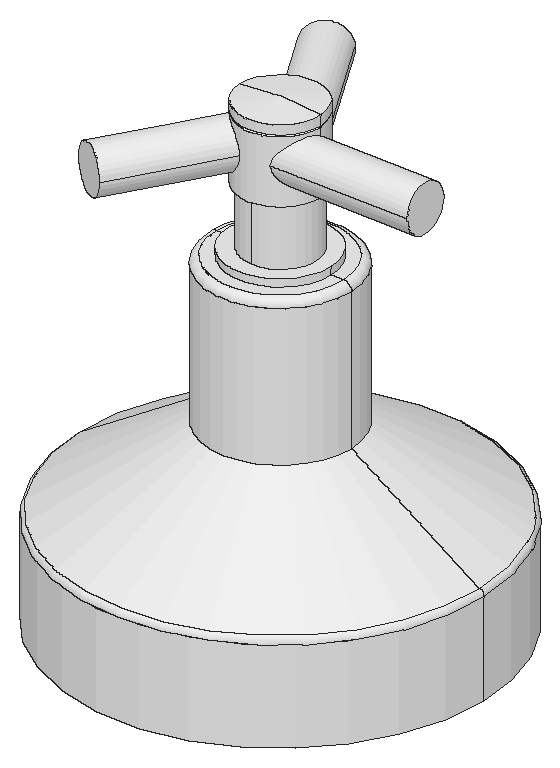
Revit family "Incepa_Zip_Acabamento Registro Base Reforma_11.4-11.2", category Plumbing Fixtures, host Face, Revit 2014
Parameters (values of type "Para base reforma 1.1⁄4” e 1.1⁄2”")
  Waste Connection = no
  WFU = 0
  Vent Connection = no
  URL = "http://www.incepa.com.br"
  Type Comments = ""
  Selo de Qualidade ofcdesk = "Standard"
  Outros Complementos [instance] = "N/A"
  Model = "B5012I9CR3"
  Metais [instance] = Celite - Cromado
  Manufacturer = "Incepa"
  Keynote = ""
  Incepa: Versão = "Autodesk Revit MEP 2014"
  Incepa: Tipo = "Acabamentos"
  Incepa: Produto = "Metais"
  Incepa: Norma = "ABNT NBR 10283: 2008 - Requisitos e métodos de ensaio"
  Incepa: Linha = "Incepa One"
  Incepa: Informações Técnicas [instance] = "N/A"
  Incepa: Informações Gerais [instance] = "N/A"
  Incepa: Fabricante = "Incepa"
  Incepa: Descrição = "Acabamento de registro para base reforma 1.1⁄4” e 1.1⁄2” (B5012I9CR3), linha Incepa One - Metais Incepa"
  Incepa: Código = "B5012I9CR3"
  Incepa: Cores Disponíveis = "Cromado"
  Incepa: Copyright © = "© 2014 Incepa"
  Incepa: Complementos = "N/A"
  Incepa: Categoria = "Lavatório"
  Incepa: Altura da Peça [instance] = 0 mm
  HWFU = 0
  HW Connection = no
  Desenvolvido por = "ofcdesk"
  Description = "Acabamento de registro para base reforma 1.1⁄4” e 1.1⁄2” (B5012I9CR3), linha Incepa One - Metais Incepa"
  Default Elevation = 1200 mm
  Cost = 0
  Celite: Vazão de Projeto [instance] = 0.00 L/s
  CWFU = 0
  CW Connection = no
  Assembly Code = "D2010"
Reference planes
  plane 1 "Center (Front/Back)": y = 0
  plane 2: z = 0
  plane 3 "Center (Left/Right)": x = 0
  plane 4: z = 92.5
  plane 5: z = 84.5
Forms (mm)
  Sweep 1, solid, material "Celite - Cromado" <- "Metais"
    path origin (0, 0, 0) x (1, 0, 0) y (0, 1, 0)
      loop
        circle (0, 0) r 40
    profile origin (0, 40, 0) x (0, -1, 0) y (0, 0, 1)
      loop
        line (0, 0) -> (3.978, 0) -> (3.978, 17.023)
        arc (3.978, 17.023) -> (4.291, 18.235) -> (5.153, 19.143) r 2.5
        line (5.153, 19.143) -> (25.434, 31.816)
        arc (25.434, 31.816) -> (26.198, 32.156) -> (27.027, 32.273) r 3.006
        line (27.027, 32.273) -> (29.694, 32.273) -> (29.694, 35.273) -> (26.001, 35.273) -> (0.705, 19.466)
        arc (0.705, 19.466) -> (0.188, 18.921) -> (0, 18.194) r 1.5
        line (0, 18.194) -> (0, 0)
  Extrusion 2, solid, material "Celite - Cromado" <- "Metais"
    sketch origin (0, 0, 77.297) x (0, 1, 0) y (1, 0, 0)
      loop
        circle (0, 0) r 7
      loop
        circle (0, 0) r 5
    from 0 to 12.927
  Sweep 3, solid, material "Celite - Cromado" <- "Metais"
    path origin (-1524, -4572, 84.5) x (-1, 0, 0) y (0, -1, 0)
      loop
        line (-1524, -4569.5) -> (-1554.5, -4569.5)
    profile origin (15.25, -2.5, 84.5) x (0, 1, 0) y (0, 0, 1)
      loop
        circle (0, 0) r 4.5
  Revolve 4, solid, material "Celite - Cromado" <- "Metais"
    sketch origin (0, 0, -6.5) x (1, 0, 0) y (0, 0, 1)
      loop
        line (0, 83.797) -> (0, 99)
        arc (0, 99) -> (-3.953, 98.824) -> (-7.875, 98.296) r 44.421
        line (-7.875, 98.296) -> (-7.875, 96.521) -> (-6.87, 96.521) -> (-7.875, 96.136) -> (-7.875, 83.797) -> (0, 83.797)
      axis (0, 99) -> (0, 83.797)
    angle from 0 to 360
  Extrusion 5, solid, material "Celite - Cromado" <- "Metais"
    sketch origin (0, 0, 64.369) x (1, 0, 0) y (0, 1, 0)
      loop
        circle (0, 0) r 10
      loop
        circle (0, 0) r 7
    from 0 to 1.5
  Sweep 6, solid, material "Celite - Cromado" <- "Metais"
    path origin (4721.468, 966.177, 84.5) x (0.5, -0.866025, 0) y (0.866025, 0.5, 0)
      loop
        line (-1524, -4569.5) -> (-1554.5, -4569.5)
    profile origin (-5.46, 14.457, 84.5) x (-0.866025, -0.5, 0) y (0, 0, 1)
      loop
        circle (0, 0) r 4.5
  Sweep 7, solid, material "Celite - Cromado" <- "Metais"
    path origin (-3197.468, 3605.823, 84.5) x (0.5, 0.866025, 0) y (-0.866025, 0.5, 0)
      loop
        line (-1524, -4569.5) -> (-1554.5, -4569.5)
    profile origin (-9.79, -11.957, 84.5) x (0.866025, -0.5, 0) y (0, 0, 1)
      loop
        circle (0, 0) r 4.5
  Revolve 8, solid, material "Celite - Cromado" <- "Metais"
    sketch origin (0, 0, 0) x (1, 0, 0) y (0, 0, 1)
      loop
        line (-10.306, 35.272) -> (-10.306, 61.089) -> (-5, 61.089) -> (-5, 64.369) -> (-12.5, 64.369)
        arc (-12.5, 64.369) -> (-13.561, 63.93) -> (-14, 62.869) r 1.5
        line (-14, 62.869) -> (-14, 35.272) -> (-10.306, 35.272)
      axis (0, 64.369) -> (0, 35.272)
    angle from 0 to 360
Cuts and joins
  joined: Sweep 1, Extrusion 2, Sweep 3, Revolve 4, Extrusion 5, Sweep 6, Sweep 7, Revolve 8
Dimensions and locks
  locked: plane 4 to level at 92.5
  locked: plane 4 to plane 5 at 8
  radius of Revolve 8 sketch curve = 1.5 mm
  radius of Revolve 4 sketch curve = 44.421 mm
  aligned and locked: plane 2 to host face
  aligned and locked: level to host face
